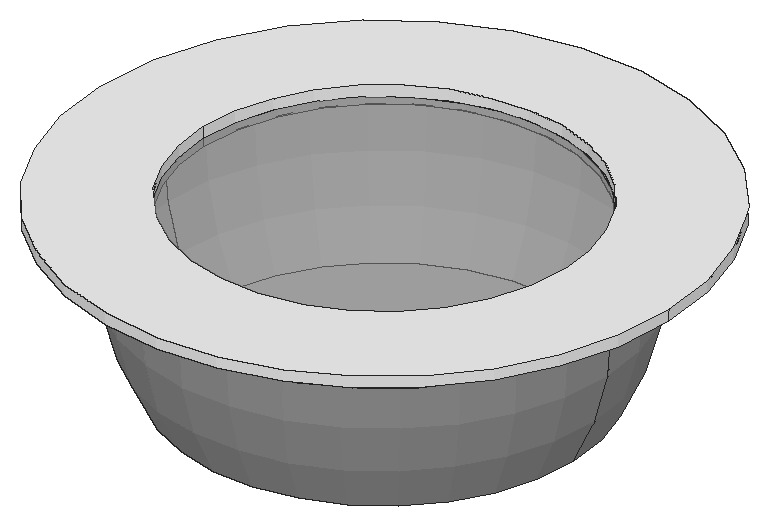
Revit family "3033918 Lighting Fixture_Sylvania_Insaver 150 HE Topper LED_Ceiling Recessed", category Lighting Fixtures, host Face, Revit 2017
Family settings
  Host = Face
  Round Connector Dimension = Use Diameter
  Part Type = Normal
  OmniClass Number = 23.80.70.11.17
  OmniClass Title = Specialized Lighting by Location or Use
  Cut with Voids When Loaded = No
  Light Source = Yes
  Shared = No
  Room Calculation Point = No
Parameters (values of type "Insaver 150 HE Topper LED WW PIR Plus3")
  Weight = 0.80 kg  # constant formula
  Wattage = 8 W
  built-in parameter 1150110 = 1 (stored number, unit not read)
  Voltage Comments = "UNV (Universal Voltage; 220-240 Volt)"  # constant formula
  Voltage = 240 V  # constant formula
  URL = "http://www.sylvania-lighting.com"
  built-in parameter 1114217 = 1 (stored number, unit not read)
  Tilt Angle = -90.00°  # constant formula
  built-in parameter 1150109 = 1 (stored number, unit not read)
  built-in parameter 1150134 = (empty or 0)
  built-in parameter 1150113 = 1 (stored number, unit not read)
  Reflector Material = Polycarbonate_Sylvania_Insaver HE Topper LED_Silver
  Recessed Depth = Height  # 46.0 mm
  Radius = Diameter / 2  # 82.5 mm
  Product Page URL = "http://www.sylvania-lighting.com/product/en-int/products/3033918"
  Product Family = "Insaver HE Topper LED"  # constant formula
  Photometry Comments = ""
  Photometric Web File = "3033924_Insaver150HETopperLEDWWPIRPlus3-182989.ies"
  built-in parameter 1150105 = 310.88 (stored number, unit not read)
  Lumens = 480 lm
  built-in parameter 1150115 = 1 (stored number, unit not read)
  built-in parameter 1150137 = (empty or 0)
  built-in parameter 1150139 = (empty or 0)
  Life = "50 000"  # constant formula
  built-in parameter 1150112 = 1 (stored number, unit not read)
  built-in parameter 1150114 = 1 (stored number, unit not read)
  Lamp Comments = "Integrated LED"
  built-in parameter 1150132 = 2
  built-in parameter 1150102 = (empty or 0)
  built-in parameter 1150107 = 3000 (stored number, unit not read)
  built-in parameter 1150138 = (empty or 0)
  built-in parameter 1150106 = 3.1088 (stored number, unit not read)
  Glow Wire Test = 650 °C  # constant formula
  Emit from Circle Diameter = Diffuser Diameter  # 105.0 mm
  Emit Shape Visible in Rendering = no
  built-in parameter 1150104 = 5.5742 (stored number, unit not read)
  Drive Current = "350mA"  # constant formula
  Dimming Lamp Color Temperature Shift = <None>
  Diffuser Radius = Diffuser Diameter / 2  # 52.5 mm
  Diffuser Diameter = Diameter - 60.0 mm  # 105.0 mm
  Cutout Diameter = 145.0 mm
  Color Filter = 16777215
  Brace Outer Diameter = Cutout Diameter - 5.0 mm  # 140.0 mm
  Brace Inner Diameter = Brace Outer Diameter - 8.0 mm  # 132.0 mm
  Beam Angle = "64-69"  # constant formula
  built-in parameter 1114218 = 1 (stored number, unit not read)
  built-in parameter 1150133 = 10 (stored number, unit not read)
  IP Rating = "IP44"  # constant formula
  Height = 46.0 mm
  built-in parameter 1114216 [instance] = 1 (stored number, unit not read)
  Model = "3033924 Insaver 150 HE Topper LED WW PIR Plus3"
  Manufacturer = "Feilo Sylvania"  # constant formula
  Lamp = "LED"
  Diffuser Material = Polycarbonate_Sylvania_Insaver HE Topper LED_Opal
  Description = "8W & 9W LED white downlight. Ideal for applications such as bathrooms, washrooms or public toilets. IP44 rating allows for installation in applicable zone 1 wet areas. Insaver HE Topper LED with sensor 4,000K delivers 604lm (luminaire lumen output), equating to 76lm/W (total system efficiency). Insaver HE Topper LED can integrate Sylvania PIR sensor and / or Plus3. Sylvania PIR sensor helps you cut energy costs by up to 60%, reduces carbon emissions and helps you comply with carbon reduction legislation and building regulations. Recessed diffuser for an improved visual comfort. Warm white (3,000K) or Neutral white (4,000K). Quick and easy to install. LED lifetime: 50,000 hours. Energy Class: A++, A+, A. LED technology provides an energy efficient solution with reduced maintenance costs"  # constant formula
  Default Elevation = 0.0 mm
  built-in parameter 1140040 [instance] = 1
  Assembly Code = "D5020200"
  Apparent Load Comments = ""
  Apparent Load = 8 VA
  Accessory Material = Aluminum_Sylvania_Insaver HE Topper LED_White
  Diameter = Cutout Diameter + 20.0 mm  # 165.0 mm
Types (8, lengths in mm): name | Wattage | built-in parameter 1150134 | Photometric Web File | built-in parameter 1150105 | Lumens | built-in parameter 1150107 | built-in parameter 1150106 | Model
  Insaver 150 HE Topper LED WW | 8 W | (empty or 0) | "3033918_Insaver150HETopperLEDWW-182926.ies" | 310.88 (stored number, unit not read) | 480 lm | 3000 (stored number, unit not read) | 3.1088 (stored number, unit not read) | "3033918 Insaver 150 HE Topper LED WW"
  Insaver 150 HE Topper LED NW | 10.0667 W | 12 | "3033919_Insaver150HETopperLEDNW-182937.ies" | 391.19 (stored number, unit not read) | 604 lm | 4000 (stored number, unit not read) | 3.9119 (stored number, unit not read) | "3033919 Insaver 150 HE Topper LED NW"
  Insaver 150 HE Topper LED WW PIR | 8 W | (empty or 0) | "3033920_Insaver150HETopperLEDWWPIR-182948.ies" | 310.88 (stored number, unit not read) | 480 lm | 3000 (stored number, unit not read) | 3.1088 (stored number, unit not read) | "3033920 Insaver 150 HE Topper LED WW PIR"
  Insaver 150 HE Topper LED NW PIR Plus3 | 10.0667 W | 12 | "3033925_Insaver150HETopperLEDNWPIRPlus3-182999.ies" | 391.19 (stored number, unit not read) | 604 lm | 4000 (stored number, unit not read) | 3.9119 (stored number, unit not read) | "3033925 Insaver 150 HE Topper LED NW PIR Plus3"
  Insaver 150 HE Topper LED WW Plus3 | 8 W | (empty or 0) | "3033922_Insaver150HETopperLEDWWPlus3-182969.ies" | 310.88 (stored number, unit not read) | 480 lm | 3000 (stored number, unit not read) | 3.1088 (stored number, unit not read) | "3033922 Insaver 150 HE Topper LED WW Plus3"
  Insaver 150 HE Topper LED NW Plus3 | 10.0667 W | 12 | "3033923_Insaver150HETopperLEDNWPlus3-182979.ies" | 391.19 (stored number, unit not read) | 604 lm | 4000 (stored number, unit not read) | 3.9119 (stored number, unit not read) | "3033923 Insaver 150 HE Topper LED NW Plus3"
  Insaver 150 HE Topper LED NW PIR | 10.0667 W | 12 | "3033921_Insaver150HETopperLEDNWPIR-182959.ies" | 391.19 (stored number, unit not read) | 604 lm | 4000 (stored number, unit not read) | 3.9119 (stored number, unit not read) | "3033921 Insaver 150 HE Topper LED NW PIR"
  Insaver 150 HE Topper LED WW PIR Plus3 | 8 W | (empty or 0) | "3033924_Insaver150HETopperLEDWWPIRPlus3-182989.ies" | 310.88 (stored number, unit not read) | 480 lm | 3000 (stored number, unit not read) | 3.1088 (stored number, unit not read) | "3033924 Insaver 150 HE Topper LED WW PIR Plus3"
Reference planes
  plane 1 "Center (Front/Back)": y = 0
  plane 2: z = 0
  plane 3 "Center (Left/Right)": x = 0
  plane 4 "Fixture Top": z = -46
  plane 5 "Fixture Bottom": z = 3
  plane 6 "Brace Top": z = -7.043
  plane 7 "Diffuser Top": z = -2
Forms (mm)
  Extrusion 1, void
    sketch origin (0, 0, 58) x (-1, 0, 0) y (0, -1, 0)
      loop
        circle (0, 0) r 72.5
    from -104 to -55
  Extrusion 2, solid, material "Aluminum_Sylvania_Insaver HE Topper LED_White" <- "Accessory Material", detail levels fine
    sketch origin (0, 0, 58) x (-1, 0, 0) y (0, -1, 0)
      loop
        circle (0, 0) r 82.5
      loop
        circle (0, 0) r 52.5
    from -58 to -55
  Extrusion 3, solid, material "Aluminum_Sylvania_Insaver HE Topper LED_White" <- "Accessory Material", detail levels fine
    sketch origin (0, 0, 58) x (-1, 0, 0) y (0, -1, 0)
      loop
        circle (0, 0) r 70
      loop
        circle (0, 0) r 66
    from -65.043 to -58
  Extrusion 4, solid, material "Polycarbonate_Sylvania_Insaver HE Topper LED_Opal" <- "Diffuser Material", detail levels fine
    sketch origin (0, 0, 58) x (-1, 0, 0) y (0, -1, 0)
      loop
        circle (0, 0) r 52.5
    from -60 to -58
  Revolve 5, solid, material "Polycarbonate_Sylvania_Insaver HE Topper LED_Silver" <- "Reflector Material", detail levels fine
    sketch origin (0, 0, 0) x (1, 0, 0) y (0, 0, 1)
      loop
        line (-52.5, 0) -> (-66, 0) -> (-66, -7.043)
        arc (-66, -7.043) -> (-63.197, -27.283) -> (-55, -46) r 74.484
        line (-55, -46) -> (0, -46) -> (0, -44) -> (-53.871, -44)
        arc (-53.871, -44) -> (-61.422, -26.203) -> (-64, -7.043) r 72.484
        line (-64, -7.043) -> (-64, -2) -> (-52.5, -2) -> (-52.5, 0)
      axis (0, 0) -> (0, -46)
    angle from 0 to 360
  Revolve 6, solid, material "Aluminum_Sylvania_Insaver HE Topper LED_White" <- "Accessory Material", detail levels coarse+medium
    sketch origin (0, 0, 0) x (1, 0, 0) y (0, 0, 1)
      loop
        line (-82.5, 3) -> (-82.5, 0) -> (-70, 0) -> (-70, -7.043) -> (-66, -7.043)
        arc (-66, -7.043) -> (-63.34, -27.324) -> (-55, -46) r 70.874
        line (-55, -46) -> (0, -46) -> (0, 3) -> (-82.5, 3)
      axis (0, 3) -> (0, -46)
    angle from 0 to 360
Cuts and joins
  joined: Extrusion 2, Extrusion 3
Dimensions and locks
  locked: plane 5 "Fixture Bottom" to plane 2 at 3
  locked: plane 5 "Fixture Bottom" to plane 6 "Brace Top" at 10.043
  locked: plane 2 to plane 7 "Diffuser Top" at 2
  locked: Revolve 5 sketch curve to Revolve 5 sketch curve at 13.5
  locked: Revolve 5 sketch curve to Revolve 5 sketch curve at 2  (x2)
  "Diffuser Radius": plane 3 "Center (Left/Right)" to Revolve 5 sketch curve
  "Height": plane 2 to plane 4 "Fixture Top"
  "Radius": plane 3 "Center (Left/Right)" to Revolve 6 sketch curve
  locked: Revolve 6 sketch curve to Revolve 6 sketch curve at 12.5
  locked: Revolve 6 sketch curve to Revolve 6 sketch curve at 4
  locked: Revolve 6 sketch curve to Revolve 6 sketch curve at 27.5
  "Cutout Diameter": diameter of Extrusion 1 sketch curve
  "Diameter": diameter of Extrusion 2 sketch curve
  "Diffuser Diameter": diameter of Extrusion 2 sketch curve
  "Brace Outer Diameter": diameter of Extrusion 3 sketch curve
  "Brace Inner Diameter": diameter of Extrusion 3 sketch curve
  "Diffuser Diameter": diameter of Extrusion 4 sketch curve
  aligned and locked: host face to level
  aligned and locked: level to plane 2
  aligned and locked: Extrusion 2 to plane 2
  aligned and locked: plane 5 "Fixture Bottom" to Extrusion 2
  aligned and locked: Extrusion 3 to plane 6 "Brace Top"
  aligned and locked: level to Extrusion 3
  aligned and locked: Extrusion 4 to plane 7 "Diffuser Top"
  aligned and locked: plane 2 to Extrusion 4
  aligned and locked: plane 4 "Fixture Top" to Revolve 5 sketch curve
  aligned and locked: plane 7 "Diffuser Top" to Revolve 5 sketch curve
  aligned and locked: plane 2 to Revolve 5 sketch curve
  aligned and locked: Revolve 5 sketch curve to plane 3 "Center (Left/Right)"
  aligned and locked: plane 5 "Fixture Bottom" to Extrusion 1
  aligned and locked: plane 4 "Fixture Top" to Extrusion 1
  aligned and locked: plane 3 "Center (Left/Right)" to Revolve 6 sketch curve
  aligned and locked: plane 4 "Fixture Top" to Revolve 6 sketch curve
  aligned and locked: Revolve 6 sketch curve to plane 6 "Brace Top"
  aligned and locked: Revolve 6 sketch curve to plane 2
  aligned and locked: Revolve 6 sketch curve to plane 5 "Fixture Bottom"
  aligned and locked: Revolve 6 sketch curve to plane 3 "Center (Left/Right)"
  aligned and locked: imposter light to plane 3 "Center (Left/Right)"
  aligned and locked: imposter light to plane 5 "Fixture Bottom"
  aligned and locked: imposter light to plane 1 "Center (Front/Back)"
Automatic sketch dimensions
  host sketch curve to host sketch curve = 700.0 mm
  host sketch curve to host sketch curve = 620.0 mm
  plane 1 "Center (Front/Back)" to Extrusion 1 sketch curve = 0.0 mm
  Extrusion 1 sketch curve to plane 3 "Center (Left/Right)" = 0.0 mm
  Extrusion 2 sketch curve to Extrusion 2 sketch curve = 0.0 mm  (x2)
  plane 1 "Center (Front/Back)" to Extrusion 2 sketch curve = 0.0 mm
  Extrusion 2 sketch curve to plane 3 "Center (Left/Right)" = 0.0 mm
  Extrusion 3 sketch curve to Extrusion 3 sketch curve = 0.0 mm  (x2)
  plane 1 "Center (Front/Back)" to Extrusion 3 sketch curve = 0.0 mm
  Extrusion 3 sketch curve to plane 3 "Center (Left/Right)" = 0.0 mm
  plane 1 "Center (Front/Back)" to Extrusion 4 sketch curve = 0.0 mm
  Extrusion 4 sketch curve to plane 3 "Center (Left/Right)" = 0.0 mm
  Revolve 5 sketch curve to Revolve 5 sketch curve = 0.0 mm  (x2)
  Revolve 5 sketch curve to plane 3 "Center (Left/Right)" = 0.0 mm
  Revolve 5 sketch curve to plane 6 "Brace Top" = 0.0 mm
  Revolve 5 sketch curve to Revolve 5 sketch curve = 9.0 mm
  plane 4 "Fixture Top" to Revolve 5 sketch curve = 48.097 mm
  plane 5 "Fixture Bottom" to Revolve 5 sketch curve = 53.903 mm
  Revolve 6 sketch curve to plane 6 "Brace Top" = 1.021 mm
  plane 4 "Fixture Top" to Revolve 6 sketch curve = 72.33 mm
  Revolve 6 sketch curve to Revolve 6 sketch curve = 53.67 mm
Connectors
  electrical at (0, 0, -46), driven by "Voltage", driven by "Apparent Load"
    settings: on Revolve 5, index 1, voltage 240 V, apparent load 0 VA, apparent load phase1 8 VA, apparent load phase2 0 VA, apparent load phase3 0 VA, power factor 1, load classification "Lighting", number of poles 1, system type 31, power factor state 1, is connector primary yes, connector utility no, sub classification motor no, connector description ""
